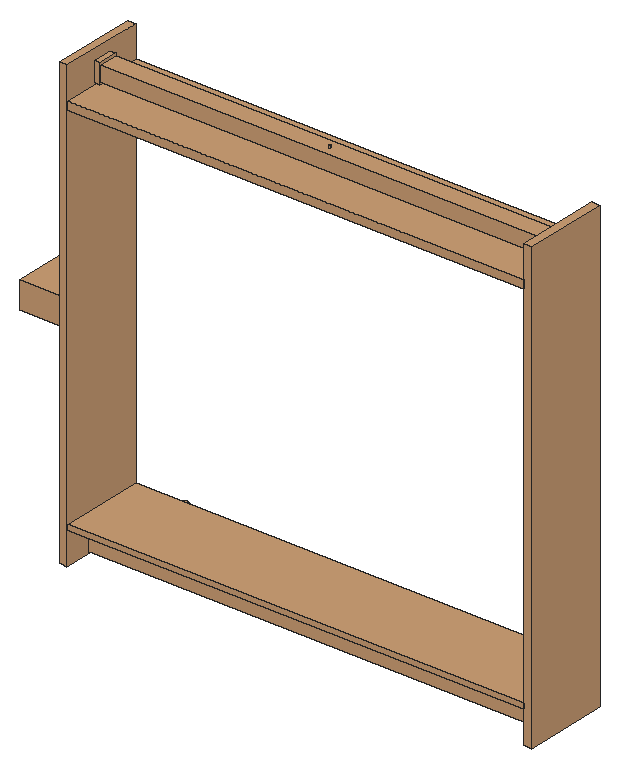
Revit family
Parameters
  Center of Unit = 0' - 0"  # constant formula
  Total Heating Capacity [instance] = 0.0 Btu/h
  Series = "VIFB"
  Outlet Area = 78.70 SF
  Lower Frame Thickness = if(Headers Height = 0' 3", 0' 1 1/4", if(Headers Height = 0' 3 1/4", 0' 1 1/4", 0' 0"))  # 0' - 1 1/4"
  Water Pressure Drop [instance] = 0.00 psi
  Water Flow [instance] = 0 GPM
  Unit Weight (lbs) = 1861
  URL = "http://www.ljwing.com/"
  Water Outlet Radius = 0' - 1 1/2"
  Headers Height = if(M = 0' 1", 0' 3", if(M = 0' 1 1/2", 0' 3 1/4", 0' 0"))  # 0' - 3 1/4"
  Number of Rows = 2  # constant formula
  Number of Coils [instance] = 0
  Nominal Length = 10' - 1 29/32"
  N = 1' - 0 3/4"
  Model = "VF-11W"
  Manufacturer = "LJ Wing"
  M = 0' - 1 1/2"
  Leaving Water Temperature [instance] = 0 °F
  Leaving Air Temperature [instance] = 0 °F
  Entering Water Temperature [instance] = 0 °F
  Entering Air Temperature [instance] = 0 °F
  Description = "Vertical Integral Face & Bypass Water Heating Coils"
  Hot Water Inlet  Radius = 0' - 1 1/2"
  Coil Face Area = Outlet Area * 0.56  # 44.072 SF
  Casing Material = ""
  Assembly Code = "D3020300"
  Air Vent Radius = 0' - 0 1/4"
  Air Pressure Drop [instance] = 0.00 in-wg
  Air Inlet Width = Nominal Length - 0' 4"  # 9' - 9 29/32"
  Air Inlet Height = Y  # 8' - 0"
  Air Flow [instance] = 0 CFM
  Y = 8' - 0"
  S = 0' - 9 3/4"  # constant formula
  Product URL = "http://www.ljwing.com/html/vifb.asp"
  OmniClass = "23-75 70 21 14 "
  Nominal Height = 9' - 8"
  Nominal Depth = 1' - 10"
  R = 0' - 10 1/4"  # constant formula
  Q = 0' - 3 61/64"
Reference planes (in)
  plane 1 "Center (Front/Back)": y = 0
  plane 2: z = -48
  plane 3 "Center (Left/Right)": x = 0
  plane 4: z = 58.25
  plane 5: x = -60.95312
  plane 6: x = 60.95313
  plane 7: z = -57.75
  plane 8: z = 0
  plane 9: y = -11
  plane 10: y = 11
  plane 11: z = 48
  plane 12: z = 50
  plane 13: z = -49.25
  plane 14: x = 58.95313
  plane 15: x = -58.95313
  plane 16: x = -57
  plane 17: x = 57
  plane 18: y = 14.0625
  plane 19: x = -71.95313
  plane 20: z = 55.125
  plane 21: z = 51.125
  plane 22: y = -2.5
  plane 23: y = 2.5
  plane 24: y = -4.5
  plane 25: z = -55.375
  plane 26: x = -48.20312
  plane 27: x = 48.20313
  plane 28: z = -51.375
Forms (in)
  Extrusion 1, solid, material "Painted Finish"
    sketch origin (0, 6, -9.75) x (1, 0, 0) y (0, 0, 1)
      loop
        line (-60.95312, -48) -> (-58.95313, -48) -> (-58.95313, 68) -> (-60.95312, 68) -> (-60.95312, -48)
      loop
        line (60.95313, -48) -> (60.95313, 68) -> (58.95313, 68) -> (58.95313, -48) -> (60.95313, -48)
    from -5 to 17
  Extrusion 2, solid, material "Painted Finish"
    sketch origin (0, 6, 0) x (1, 0, 0) y (0, 0, 1)
      loop
        line (58.95313, -48) -> (-58.95313, -48) -> (-58.95313, -49.25) -> (58.95313, -49.25) -> (58.95313, -48)
      loop
        line (58.95313, 48) -> (58.95313, 50) -> (-58.95313, 50) -> (-58.95313, 48) -> (58.95313, 48)
    from -5 to 17
  Extrusion 3, solid, material "Painted Finish"
    sketch origin (0, 10, -0.5) x (1, 0, 0) y (0, 0, 1)
      loop
        line (-60.95312, 4) -> (-71.95313, 4) -> (-71.95313, -3) -> (-60.95312, -3) -> (-60.95312, 4)
    from 0 to 20
  Extrusion 4, solid, material "Painted Finish"
    sketch origin (0, 6, 0) x (1, 0, 0) y (0, 0, 1)
      loop
        line (-57.32813, 55.125) -> (-57.32813, 51.125) -> (57.32813, 51.125) -> (57.32813, 55.125) -> (-57.32813, 55.125)
    from 3.5 to 8.5
  Extrusion 5, solid, material "Painted Finish"
    sketch origin (0, 0, 0) x (1, 0, 0) y (0, 0, 1)
      loop
        line (-57.32813, 50.625) -> (-57.32813, 55.625) -> (-58.95313, 55.625) -> (-58.95313, 50.625) -> (-57.32813, 50.625)
      loop
        line (58.95313, 50.625) -> (58.95313, 55.625) -> (57.32813, 55.625) -> (57.32813, 50.625) -> (58.95313, 50.625)
    from -2.5 to 2.5
  Extrusion 6, solid, material "Painted Finish"
    sketch origin (0, 6, 0) x (1, 0, 0) y (0, 0, 1)
      loop
        line (-58.45312, -49.75) -> (-58.45312, -49.5) -> (-58.95313, -49.5) -> (-58.95313, -53.25) -> (-58.45312, -53.25) -> (-58.45312, -53) -> (58.45313, -53) -> (58.45313, -53.25) -> (58.95313, -53.25) -> (58.95313, -49.5) -> (58.45313, -49.5) -> (58.45313, -49.75) -> (-58.45312, -49.75)
      loop
        line (58.45313, -57) -> (58.45313, -57.125) -> (58.95313, -57.125) -> (58.95313, -53.5) -> (58.45313, -53.5) -> (58.45313, -53.75) -> (-58.45312, -53.75) -> (-58.45312, -53.5) -> (-58.95313, -53.5) -> (-58.95313, -57.25) -> (-58.45313, -57.25) -> (-58.45313, -57) -> (58.45313, -57)
    from -5 to 10.5
  Extrusion 7, void
    sketch origin (0, 0, 0) x (1, 0, 0) y (0, 0, 1)
      loop
        line (-58.95313, 48) -> (-58.95313, -48) -> (58.95313, -48) -> (58.95313, 48) -> (-58.95313, 48)
    from -11 to 11
  Extrusion 8, solid, material "Painted Finish"
    sketch origin (0, 0, 0) x (1, 0, 0) y (0, 0, 1)
      loop
        circle (48.20313, -55.375) r 1.5
      loop
        circle (-48.20312, -51.375) r 1.5
    from -14.0625 to -11
  Extrusion 9, solid, material "Painted Finish"
    sketch origin (0, 0, 0) x (1, 0, 0) y (0, 1, 0)
      loop
        circle (0, 0) r 0.25
    from 55.125 to 55.625
Cuts and joins
  Extrusion 7 cuts Extrusion 1
  Extrusion 7 cuts Extrusion 2
Dimensions and locks (in)
  "Nominal Length": plane 6 to plane 5
  equal spacing: plane 6, plane 3 "Center (Left/Right)", plane 5
  "S": plane 2 to plane 7
  "Nominal Depth": plane 10 to plane 9
  equal spacing: plane 10, plane 1 "Center (Front/Back)", plane 9
  "Y": plane 11 to plane 2
  "R": plane 4 to plane 11
  locked: plane 12 to plane 11 at 2
  "Lower Frame Thickness": plane 2 to plane 13
  "Q": plane 16 to plane 5
  "Q": plane 6 to plane 17
  locked: plane 18 to plane 10 at 3.0625
  locked: plane 5 to plane 19 at 11
  locked: Extrusion 3 sketch curve to Extrusion 3 sketch curve at 7
  locked: Extrusion 3 to Extrusion 3 at 20
  locked: plane 6 to plane 14 at 2
  locked: plane 15 to plane 5 at 2
  locked: Extrusion 5 sketch curve to plane 20 at 0.5
  locked: plane 21 to Extrusion 5 sketch curve at 0.5
  locked: plane 20 to plane 21 at 4
  locked: plane 23 to plane 22 at 5
  equal spacing: plane 23, plane 1 "Center (Front/Back)", plane 22
  locked: plane 22 to plane 24 at 2
  plane 4 to plane 7 = 9' - 8"
  locked: Extrusion 5 sketch curve to Extrusion 1 at 1.625
  locked: Extrusion 5 sketch curve to Extrusion 5 sketch curve at 1.625
  locked: Extrusion 7 sketch curve to plane 11 at 0
  locked: Extrusion 7 sketch curve to plane 15 at 0
  locked: Extrusion 7 sketch curve to plane 14 at 0
  locked: plane 15 to Extrusion 6 sketch curve at 0.5
  locked: Extrusion 6 sketch curve to Extrusion 6 sketch curve at 0.25  (x2)
  locked: plane 25 to plane 7 at 2.375
  "N": plane 26 to plane 5
  "N": plane 6 to plane 27
  locked: plane 28 to plane 7 at 6.375
  "Headers Height": Extrusion 6 sketch curve to Extrusion 6 sketch curve  (x2)
  locked: Extrusion 8 sketch curve to plane 25 at 0
  locked: Extrusion 8 sketch curve to plane 28 at 0
  locked: Extrusion 9 sketch curve to plane 1 "Center (Front/Back)" at 0
  locked: Extrusion 9 sketch curve to plane 3 "Center (Left/Right)" at 0
  equal spacing: Extrusion 6 sketch curve, plane 28, Extrusion 6 sketch curve
  equal spacing: Extrusion 6 sketch curve, plane 25, Extrusion 6 sketch curve
  locked: plane 4 to plane 20 at 3.125
  locked: Extrusion 7 sketch curve to plane 2 at 0
  equal spacing: plane 11, plane 8, plane 2
  locked: Extrusion 8 sketch curve to plane 27 at 0
  locked: Extrusion 8 sketch curve to plane 26 at 0
  "M": radius of Extrusion 8 sketch curve  (x2)
  "Air Vent Radius": radius of Extrusion 9 sketch curve
  aligned and locked: Extrusion 1 to plane 9
  aligned and locked: Extrusion 1 to plane 10
  aligned and locked: Extrusion 1 to plane 15
  aligned and locked: Extrusion 1 to plane 14
  aligned and locked: Extrusion 2 to plane 9
  aligned and locked: plane 9 to Extrusion 1
  aligned and locked: plane 10 to Extrusion 1  (x2)
  aligned and locked: Extrusion 2 to plane 10
  aligned and locked: plane 10 to Extrusion 2  (x2)
  aligned and locked: plane 9 to Extrusion 2  (x2)
  aligned and locked: plane 5 to Extrusion 3
  aligned and locked: Extrusion 5 sketch curve to plane 15
  aligned and locked: Extrusion 5 sketch curve to Extrusion 4
  aligned and locked: Extrusion 1 to Extrusion 6
  aligned and locked: plane 22 to Extrusion 5
  aligned and locked: Extrusion 5 to Extrusion 4  (x2)
  aligned and locked: Extrusion 5 to plane 23
  aligned and locked: Extrusion 6 to plane 24
  aligned and locked: Extrusion 4 to Extrusion 5  (x2)
  aligned and locked: Extrusion 5 to Extrusion 1  (x2)
  aligned and locked: Extrusion 1 to Extrusion 7  (x2)
  aligned and locked: plane 18 to Extrusion 8
  aligned and locked: Extrusion 8 to plane 10
  aligned and locked: plane 20 to Extrusion 9
  aligned and locked: Extrusion 9 to Extrusion 5
  aligned and locked: plane 2 to cut or joined group of Extrusion 2, Extrusion 7
  aligned and locked: Extrusion 1 sketch curve to plane 6
  aligned and locked: Extrusion 1 sketch curve to plane 14
  aligned and locked: Extrusion 1 sketch curve to plane 15
  aligned and locked: Extrusion 1 sketch curve to plane 5
  aligned and locked: Extrusion 1 sketch curve to plane 4  (x2)
  aligned and locked: plane 7 to Extrusion 1 sketch curve
  aligned and locked: Extrusion 1 sketch curve to plane 7
  aligned and locked: Extrusion 2 sketch curve to plane 11
  aligned and locked: Extrusion 2 sketch curve to plane 12
  aligned and locked: plane 2 to Extrusion 2 sketch curve
  aligned and locked: Extrusion 2 sketch curve to plane 13
  aligned and locked: plane 14 to Extrusion 2 sketch curve
  aligned and locked: plane 15 to Extrusion 2 sketch curve
  aligned and locked: Extrusion 2 sketch curve to plane 15
  aligned and locked: Extrusion 2 sketch curve to plane 14
  aligned and locked: plane 20 to Extrusion 4 sketch curve
  aligned and locked: Extrusion 4 sketch curve to plane 21
  aligned and locked: plane 14 to Extrusion 6 sketch curve  (x2)
  aligned and locked: Extrusion 6 sketch curve to plane 15  (x2)
Automatic sketch dimensions
  Extrusion 3 sketch curve to plane 19 = 0' - 0"
  Extrusion 3 sketch curve to plane 5 = 0' - 0"
  plane 8 to Extrusion 3 sketch curve = 0' - 3 1/2"
  Extrusion 4 sketch curve to plane 16 = 0' - 0 21/64"
  plane 17 to Extrusion 4 sketch curve = 0' - 0 21/64"
  plane 21 to Extrusion 5 sketch curve = 0' - 0 1/2"
  Extrusion 5 sketch curve to plane 20 = 0' - 0 1/2"
  plane 15 to Extrusion 6 sketch curve = 0' - 0 1/2"  (x2)
  Extrusion 6 sketch curve to Extrusion 6 sketch curve = 0' - 0 1/4"  (x5)
  Extrusion 6 sketch curve to Extrusion 6 sketch curve = 0' - 0"  (x2)
  Extrusion 6 sketch curve to plane 14 = 0' - 0 1/2"  (x2)
  Extrusion 6 sketch curve to Extrusion 6 sketch curve = 0' - 0 1/2"
  Extrusion 6 sketch curve to plane 7 = 0' - 0 5/8"
Connectors (in)
  hvac at (0, -11, 0), driven by "Air Inlet Height", driven by "Air Inlet Width", driven by "Air Flow", driven by "Air Pressure Drop"
    settings: on Extrusion 7, index 1
  hvac at (0, 11, 0), driven by "Air Pressure Drop", driven by "Air Inlet Height", driven by "Air Inlet Width", driven by "Air Flow"
    settings: on Extrusion 7, index 2
  piping at (-48.20312, 14.0625, -51.375), driven by "M", driven by "Water Flow", driven by "Water Pressure Drop"
    settings: on Extrusion 8, index 4
  piping at (48.20313, 14.0625, -55.375), driven by "Water Pressure Drop", driven by "Water Flow", driven by "M"
    settings: on Extrusion 8, index 5
